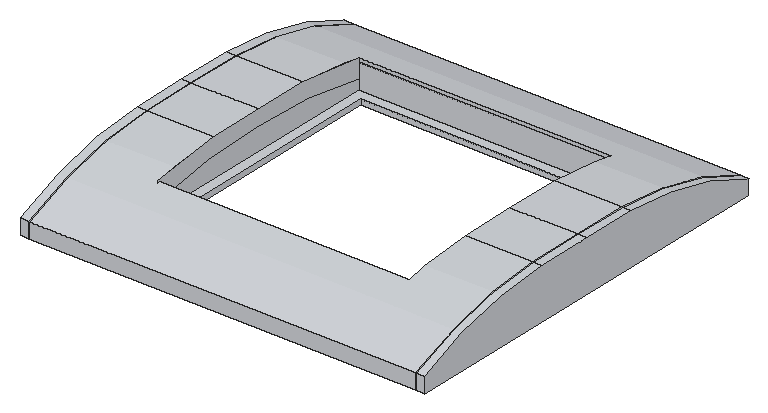
Revit family "Gira_0211771", category Electrical Fixtures, host Face, Revit 2017
Family settings
  Host = Face
  Maintain Annotation Orientation = No
  Round Connector Dimension = Use Diameter
  Part Type = Normal
  Cut with Voids When Loaded = No
  Shared = No
  Room Calculation Point = No
Parameters (values of type "Cov.fr. 1-g interm.fr. CW Gira Event Clear sand")
  With mounting grid = "No"
  With hinged lid = "No"
  URL = "http://katalog.gira.de/en/datenblatt.html?artikelnr=0211771"
  Type of fastening = "Clamp mounting"
  Transparent = "No"
  Surface protection = "Other"
  Surface finishing = "Glossy"
  Suitable for wall duct = "No"
  Suitable for flush-mounted installation = "Yes"
  Suitable for floor box = "No"
  Suitable for built-in installation = "No"
  Number of units vertical = "1"
  Number of units horizontal = "1"
  Number of units = "1"
  Name = "Cov.fr. 1-g interm.fr. CW Gira Event Clear sand"
  Mounting direction = "Horizontal and vertical"
  Material quality = "Thermoplastic"
  Material = "Plastic"
  Manufacturer URL = "https://www.gira.de/"
  Manufacturer = "Gira"
  Label space/information surface = "No"
  Keynote = ""
  HeinzeBIM = "https://bimportal.heinze.de/bim/cov-fr-1-g-interm-fr-cw-gira-event-clear-sand/f20eb4f261fdece111760f9552fd8b69a9bee21c"
  Halogen free = "Yes"
  HAN = "0211771"
  GTIN = "4010337069492"
  Description = "Cov.fr.1g i.fr.CW EvCl SD,Gira Event Clear cover frame,sand with cream white glossy intermediate frame,1-gang,Features:,- Shatter-proof."
  Degree of protection (IP) = "IP20"
  Default Elevation = 1219.2 mm
  Data sheet (1) = "https://katalog.gira.de/en/download.html?artikelnr=0211771"
  Colour = "Other"
  Category = "Cover frame for domestic switching devices"
  BIM (1) = "https://media.stage.bim.site/public/gira/36a6b08/Event_Rahmen_1fach.rfa"
  Available = "No"
Reference planes
  plane 1 "Center (Front/Back)": y = 0
  plane 2: z = 0
  plane 3 "Center (Left/Right)": x = 0
Forms (mm)
  Extrusion 1, solid, detail levels fine
    sketch origin (0, 0, 1.55) x (0, 1, 0) y (0, 0, 1)
      loop
        arc (12.445, 9.683) -> (6.223, 9.833) -> (0, 9.85) r 291.636
        arc (0, 9.85) -> (-6.223, 9.833) -> (-12.445, 9.683) r 291.636
        arc (-12.445, 9.683) -> (-29.14, 7.482) -> (-45, 1.823) r 79.728
        line (-45, 1.823) -> (-45, -1.55) -> (-41.777, -1.55) -> (-41.777, -0.55)
        arc (-41.777, -0.55) -> (-21.205, 4.846) -> (0, 6.467) r 118.15
        arc (0, 6.467) -> (21.205, 4.846) -> (41.777, -0.55) r 118.15
        line (41.777, -0.55) -> (41.777, -1.55) -> (45, -1.55) -> (45, 1.823)
        arc (45, 1.823) -> (29.14, 7.482) -> (12.445, 9.683) r 79.728
    from -43 to 43
  Extrusion 2, void, detail levels fine
    sketch origin (0, 0, 0) x (1, 0, 0) y (0, 1, 0)
      loop
        line (-28, -28) -> (28, -28) -> (28, 28) -> (-28, 28) -> (-28, -28)
    from 2.85 to 12
  Extrusion 3, solid, detail levels coarse
    sketch origin (0, 0, 0) x (1, 0, 0) y (0, 1, 0)
      loop
        line (-45, 45) -> (-45, -45) -> (45, -45) -> (45, 45) -> (-45, 45)
    from 0 to 11.4
  Extrusion 4, solid, detail levels medium
    sketch origin (0, 0, 1.55) x (0, 1, 0) y (0, 0, 1)
      loop
        arc (12.445, 9.683) -> (6.223, 9.833) -> (0, 9.85) r 291.636
        arc (0, 9.85) -> (-6.223, 9.833) -> (-12.445, 9.683) r 291.636
        arc (-12.445, 9.683) -> (-29.14, 7.482) -> (-45, 1.823) r 79.728
        line (-45, 1.823) -> (-45, -1.55) -> (45, -1.55) -> (45, 1.823)
        arc (45, 1.823) -> (29.14, 7.482) -> (12.445, 9.683) r 79.728
    from -45 to 45
  Extrusion 5, solid, detail levels fine
    sketch origin (0, 0, 0) x (0, 1, 0) y (0, 0, 1)
      loop
        arc (45, 3.373) -> (29.14, 9.032) -> (12.445, 11.233) r 79.728
        arc (12.445, 11.233) -> (6.223, 11.383) -> (0, 11.4) r 291.636
        arc (0, 11.4) -> (-6.223, 11.383) -> (-12.445, 11.233) r 291.636
        arc (-12.445, 11.233) -> (-29.14, 9.032) -> (-45, 3.373) r 79.728
        line (-45, 3.373) -> (-45, 0) -> (45, 0) -> (45, 3.373)
    from 43 to 45
  Extrusion 6, solid, detail levels fine
    sketch origin (0, 0, 0) x (0, 1, 0) y (0, 0, -1)
      loop
        line (45, -3.373) -> (45, 0) -> (-45, 0) -> (-45, -3.373)
        arc (-45, -3.373) -> (-29.14, -9.032) -> (-12.445, -11.233) r 79.728
        arc (-12.445, -11.233) -> (-6.223, -11.383) -> (0, -11.4) r 291.636
        arc (0, -11.4) -> (6.223, -11.383) -> (12.445, -11.233) r 291.636
        arc (12.445, -11.233) -> (29.14, -9.032) -> (45, -3.373) r 79.728
    from 43 to 45
  Extrusion 7, solid, detail levels fine
    sketch origin (0, 0, 0) x (1, 0, 0) y (0, 1, 0)
      loop
        line (-25.7, 25.7) -> (-25.7, -25.7) -> (25.7, -25.7) -> (25.7, 25.7) -> (-25.7, 25.7)
      loop
        line (-29.495, 27.895) -> (-29.495, -27.895)
        spline (-29.495, -27.895) -> (-29.486, -28.025) -> (-29.461, -28.154) -> (-29.419, -28.278) -> (-29.361, -28.395) -> (-29.288, -28.504) -> (-29.202, -28.602) -> (-29.104, -28.688) -> (-28.995, -28.761) -> (-28.878, -28.819) -> (-28.754, -28.861) -> (-28.625, -28.886) -> (-28.495, -28.895)
        line (-28.495, -28.895) -> (28.495, -28.895)
        spline (28.495, -28.895) -> (28.625, -28.886) -> (28.754, -28.861) -> (28.878, -28.819) -> (28.995, -28.761) -> (29.104, -28.688) -> (29.202, -28.602) -> (29.288, -28.504) -> (29.361, -28.395) -> (29.419, -28.278) -> (29.461, -28.154) -> (29.486, -28.025) -> (29.495, -27.895)
        line (29.495, -27.895) -> (29.495, 27.895)
        spline (29.495, 27.895) -> (29.486, 28.025) -> (29.461, 28.154) -> (29.419, 28.278) -> (29.361, 28.395) -> (29.288, 28.504) -> (29.202, 28.602) -> (29.104, 28.688) -> (28.995, 28.761) -> (28.878, 28.819) -> (28.754, 28.861) -> (28.625, 28.886) -> (28.495, 28.895)
        line (28.495, 28.895) -> (-28.495, 28.895)
        spline (-28.495, 28.895) -> (-28.625, 28.886) -> (-28.754, 28.861) -> (-28.878, 28.819) -> (-28.995, 28.761) -> (-29.104, 28.688) -> (-29.202, 28.602) -> (-29.288, 28.504) -> (-29.361, 28.395) -> (-29.419, 28.278) -> (-29.461, 28.154) -> (-29.486, 28.025) -> (-29.495, 27.895)
    from 1.673 to 8.5
Cuts and joins
  Extrusion 2 cuts Extrusion 1
  Extrusion 2 cuts Extrusion 7
Dimensions and locks
  aligned and locked: plane 2 to host face
  aligned and locked: level to host face
